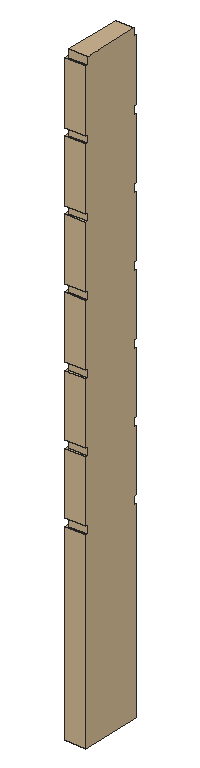
Revit family "GEN_A3-659-MIDDLE-GRND-(TALL)", category Columns, Revit 2016
Family settings
  Cut with Voids When Loaded = No
  Automatically joins geometry to walls = Yes
  Shared = No
  Show family pre-cut in plan views = Yes
Parameters (values of type "646-MIDDLE-GRND TALL")
  STEP = 1500 mm
  NIB WIDTH = 690 mm
  NIB = 230 mm
  Assembly Code = ""
Types (2, lengths in mm): name | STEP
  646-MIDDLE-GRND TALL | 1500
  646-MIDDLE-FF 3 | 85
Reference planes
  plane 1 "Center (Front/Back)": y = -95
  plane 2: z = -2715
  plane 3 "Center (Left/Right)": x = -20
  plane 4 "Left": x = -250
  plane 5 "Back": y = 250
  plane 6 "Front": y = -440
  plane 7: z = -4215
  plane 8: z = -2736.833
  plane 9: z = 1785
  plane 10: z = 1020
  plane 11: z = 255
  plane 12: z = -510
  plane 13: z = -1275
  plane 14: z = -2040
Forms (mm)
  Extrusion 1, solid, material "-WALL"
    sketch origin (0, 0, -2715) x (1, 0, 0) y (0, 1, 0)
      loop
        line (-250, -440) -> (-20, -440) -> (-20, 250) -> (-250, 250) -> (-250, -440)
    from -1500 to 5265
  Sweep 2, void
    path origin (0, 0, -2715) x (1, 0, 0) y (0, 1, 0)
      loop
        line (-20, 250) -> (-250, 250) -> (-250, -440) -> (-20, -440)
    profile origin (-135, 250, -2715) x (0, -1, 0) y (0, 0, 1)
      loop
        line (25, 2120) -> (25, 2205) -> (-25, 2205) -> (-25, 2120) -> (25, 2120)
  Sweep 3, void
    path origin (0, 0, 2465) x (1, 0, 0) y (0, 1, 0)
      loop
        line (-20, 250) -> (-250, 250) -> (-250, -440) -> (-20, -440)
    profile origin (-135, 250, 2465) x (0, -1, 0) y (0, 0, 1)
      loop
        line (25, 0) -> (25, 85) -> (-25, 85) -> (-25, 0) -> (25, 0)
  Sweep 4, void
    path origin (0, 0, 1700) x (1, 0, 0) y (0, 1, 0)
      loop
        line (-20, 250) -> (-250, 250) -> (-250, -440) -> (-20, -440)
    profile origin (-135, 250, 1700) x (0, -1, 0) y (0, 0, 1)
      loop
        line (25, 0) -> (25, 85) -> (-25, 85) -> (-25, 0) -> (25, 0)
  Sweep 5, void
    path origin (0, 0, 170) x (1, 0, 0) y (0, 1, 0)
      loop
        line (-20, 250) -> (-250, 250) -> (-250, -440) -> (-20, -440)
    profile origin (-135, 250, 170) x (0, -1, 0) y (0, 0, 1)
      loop
        line (25, 0) -> (25, 85) -> (-25, 85) -> (-25, 0) -> (25, 0)
  Sweep 6, void
    path origin (0, 0, 935) x (1, 0, 0) y (0, 1, 0)
      loop
        line (-20, 250) -> (-250, 250) -> (-250, -440) -> (-20, -440)
    profile origin (-135, 250, 935) x (0, -1, 0) y (0, 0, 1)
      loop
        line (25, 0) -> (25, 85) -> (-25, 85) -> (-25, 0) -> (25, 0)
  Sweep 7, void
    path origin (0, 0, -2715) x (1, 0, 0) y (0, 1, 0)
      loop
        line (-20, 250) -> (-250, 250) -> (-250, -440) -> (-20, -440)
    profile origin (-135, 250, -2715) x (0, -1, 0) y (0, 0, 1)
      loop
        line (25, 1355) -> (25, 1440) -> (-25, 1440) -> (-25, 1355) -> (25, 1355)
  Sweep 8, void
    path origin (0, 0, -3480) x (1, 0, 0) y (0, 1, 0)
      loop
        line (-20, 250) -> (-250, 250) -> (-250, -440) -> (-20, -440)
    profile origin (-135, 250, -3480) x (0, -1, 0) y (0, 0, 1)
      loop
        line (25, 1355) -> (25, 1440) -> (-25, 1440) -> (-25, 1355) -> (25, 1355)
Cuts and joins
  Sweep 2, Sweep 3, Sweep 4, Sweep 5, Sweep 6, Sweep 7, Sweep 8 cuts Extrusion 1
Dimensions and locks
  "NIB WIDTH": plane 6 "Front" to plane 5 "Back"
  "NIB": plane 4 "Left" to plane 3 "Center (Left/Right)"
  "STEP": plane 7 to level
  plane 14 to plane 13 to plane 12 to plane 11 to plane 10 to plane 9 to level = 765 mm locked, 765 mm locked, 765 mm locked, 765 mm locked, 765 mm locked, 765 mm locked
  aligned and locked: Extrusion 1 sketch curve to plane 4 "Left"
  aligned and locked: Extrusion 1 sketch curve to plane 5 "Back"
  aligned and locked: Extrusion 1 sketch curve to plane 6 "Front"
  aligned and locked: Extrusion 1 sketch curve to plane 3 "Center (Left/Right)"
  aligned and locked: level to Extrusion 1
  aligned and locked: plane 7 to Extrusion 1
  aligned and locked: level to Sweep 3 sketch curve
  aligned and locked: plane 9 to Sweep 4 sketch curve
  aligned and locked: plane 10 to Sweep 6 sketch curve
  aligned and locked: plane 11 to Sweep 5 sketch curve
  aligned and locked: plane 13 to Sweep 7 sketch curve
  aligned and locked: Sweep 2 sketch curve to plane 12
  aligned and locked: plane 14 to Sweep 8 sketch curve
Automatic sketch dimensions
  Sweep 2 sketch curve to plane 4 "Left" = 0 mm
  Sweep 2 sketch curve to plane 3 "Center (Left/Right)" = 0 mm  (x2)
  Sweep 2 sketch curve to plane 6 "Front" = 0 mm
  Sweep 2 sketch curve to plane 5 "Back" = 0 mm
  profile plane to Sweep 2 sketch curve = 25 mm
  Sweep 2 sketch curve to profile plane = 25 mm
  Sweep 2 sketch curve to Sweep 2 sketch curve = 85 mm
  Sweep 3 sketch curve to plane 4 "Left" = 0 mm
  Sweep 3 sketch curve to plane 3 "Center (Left/Right)" = 0 mm  (x2)
  Sweep 3 sketch curve to plane 6 "Front" = 0 mm
  Sweep 3 sketch curve to plane 5 "Back" = 0 mm
  Sweep 3 sketch curve to profile plane = 0 mm
  profile plane to Sweep 3 sketch curve = 25 mm
  Sweep 3 sketch curve to profile plane = 25 mm
  Sweep 4 sketch curve to plane 4 "Left" = 0 mm
  Sweep 4 sketch curve to plane 3 "Center (Left/Right)" = 0 mm  (x2)
  Sweep 4 sketch curve to plane 6 "Front" = 0 mm
  Sweep 4 sketch curve to plane 5 "Back" = 0 mm
  Sweep 4 sketch curve to profile plane = 0 mm
  profile plane to Sweep 4 sketch curve = 25 mm
  Sweep 4 sketch curve to profile plane = 25 mm
  Sweep 5 sketch curve to plane 4 "Left" = 0 mm
  Sweep 5 sketch curve to plane 3 "Center (Left/Right)" = 0 mm  (x2)
  Sweep 5 sketch curve to plane 6 "Front" = 0 mm
  Sweep 5 sketch curve to plane 5 "Back" = 0 mm
  Sweep 5 sketch curve to profile plane = 0 mm
  profile plane to Sweep 5 sketch curve = 25 mm
  Sweep 5 sketch curve to profile plane = 25 mm
  Sweep 6 sketch curve to plane 4 "Left" = 0 mm
  Sweep 6 sketch curve to plane 3 "Center (Left/Right)" = 0 mm  (x2)
  Sweep 6 sketch curve to plane 6 "Front" = 0 mm
  Sweep 6 sketch curve to plane 5 "Back" = 0 mm
  Sweep 6 sketch curve to profile plane = 0 mm
  profile plane to Sweep 6 sketch curve = 25 mm
  Sweep 6 sketch curve to profile plane = 25 mm
  Sweep 7 sketch curve to plane 4 "Left" = 0 mm
  Sweep 7 sketch curve to plane 3 "Center (Left/Right)" = 0 mm  (x2)
  Sweep 7 sketch curve to plane 6 "Front" = 0 mm
  Sweep 7 sketch curve to plane 5 "Back" = 0 mm
  profile plane to Sweep 7 sketch curve = 25 mm
  Sweep 7 sketch curve to profile plane = 25 mm
  Sweep 7 sketch curve to Sweep 7 sketch curve = 85 mm
  Sweep 8 sketch curve to plane 4 "Left" = 0 mm
  Sweep 8 sketch curve to plane 3 "Center (Left/Right)" = 0 mm  (x2)
  Sweep 8 sketch curve to plane 6 "Front" = 0 mm
  Sweep 8 sketch curve to plane 5 "Back" = 0 mm
  profile plane to Sweep 8 sketch curve = 25 mm
  Sweep 8 sketch curve to profile plane = 25 mm
  Sweep 8 sketch curve to Sweep 8 sketch curve = 85 mm
